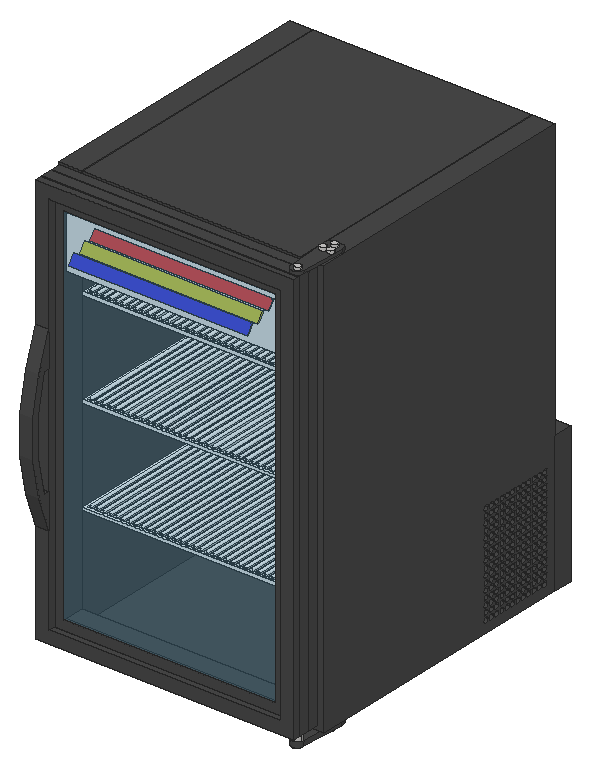
Revit family "QF_TRUE_GDM-06-34-HC~TSL01", category Specialty Equipment, Revit 2016
Family settings
  Part Type = Normal
  Round Connector Dimension = Use Diameter
  Work Plane-Based = No
  Always vertical = Yes
  Cut with Voids When Loaded = No
  Shared = No
  Room Calculation Point = No
Parameters (values of type "GDM-06-34-HC-TSL01")
  Weight in Pounds = 175
  Watts = Volts * FL Amps  # 184 W
  Volts = 115 V
  URL Cutsheet = ""
  Specification by User = ""
  Specification by Manufacturer = ""
  Show Default Legs [instance] = not(Show 2.5 Inches Legs)  # yes
  Show Clearance [instance] = yes
  Show 2.5 Inches Legs [instance] = no
  Serial Number = ""
  Seismic Rating = ""
  SMACNA No = ""
  Revision Code = ""
  Phase = 1
  Number of Poles = 1
  NAFEM Spec ID Number = ""
  Model = "GDM-06-34-HC~TSL01"  # constant formula
  Min Ckt Ampacity = 0 A
  Max Overcurrent Protection = 0 A
  Masterspec = ""
  Manufacturer = "TRUE"
  Length = 20 7/16"
  Item Number = ""
  Installed By = ""
  Identify Quantity as Lot = yes
  Height [instance] = Body Height + Base Height  # 33 15/32"
  HP = "1/10"
  Furnished By = ""
  Foodservice Equipment Identifier = yes
  FL Amps = 1.6 A
  Electrical Remarks = ""
  Electric Connection Type = ""
  Elec Conn RI Height = 0"
  Elec Conn Connection Height = 0"
  Description = "SWING DOOR COUNTER-TOP REGFRIGERATOR WITH HYDROCARBON REFRIGERANT-TRUE-STANDARD LOOK VERSION 01"
  Depth = 27 31/32"
  Cycle = 60 Hz
  Conn Plug = "NEMA 5-15P"
  Conn Conduit = yes
  CSI MasterFormat = ""
  Body Height [instance] = 32 11/16"  # constant formula
  Base Height [instance] = if(Show 2.5 Inches Legs, 2 1/2", 25/32")  # 25/32"
  Apparent Power = 0 VA
Reference planes (in)
  plane 1 "BACK": y = 0
  plane 2: z = 0
  plane 3 "LEFT": x = 0
  plane 4 "RIGHT": x = 20.4375
  plane 5 "FRONT": y = -27.96875
  plane 6 "TOP": z = 33.46875
  plane 7 "Center Y": x = 10.21875
  plane 8 "Center X": y = -13.98437
  plane 9: y = -45.0625
  plane 10: z = 0.78125
  plane 11: z = 2.5
Forms (in)
  Revolve 1, solid, visible <- "Show 2.5 Inches Legs"
    sketch origin (0, -4.21875, 0) x (1, 0, 0) y (0, 0, 1)
      loop
        line (2.28125, 0) -> (2.28125, 2.5) -> (1.83731, 2.5) -> (1.83731, 0.5) -> (1.53125, 0.5) -> (1.53125, 0) -> (2.28125, 0)
      axis (2.28125, 0) -> (2.28125, 2.5)
    angle from 0 to 360
  Revolve 2, solid, visible <- "Show 2.5 Inches Legs"
    sketch origin (1.81234, -22.0625, 0) x (1, 0, 0) y (0, 0, 1)
      loop
        line (2.28125, 0) -> (2.28125, 2.5) -> (1.83731, 2.5) -> (1.83731, 0.5) -> (1.53125, 0.5) -> (1.53125, 0) -> (2.28125, 0)
      axis (2.28125, 0) -> (2.28125, 2.5)
    angle from 0 to 360
  Revolve 3, solid, visible <- "Show 2.5 Inches Legs"
    sketch origin (20.4375, -4.21875, 0) x (-1, 0, 0) y (0, 0, -1)
      loop
        line (2.28125, 0) -> (1.53125, 0) -> (1.53125, -0.5) -> (1.83731, -0.5) -> (1.83731, -2.5) -> (2.28125, -2.5) -> (2.28125, 0)
      axis (2.28125, 0) -> (2.28125, -2.5)
    angle from 0 to 360
  Revolve 4, solid, visible <- "Show 2.5 Inches Legs"
    sketch origin (18.62516, -22.0625, 0) x (-1, 0, 0) y (0, 0, -1)
      loop
        line (2.28125, 0) -> (1.53125, 0) -> (1.53125, -0.5) -> (1.83731, -0.5) -> (1.83731, -2.5) -> (2.28125, -2.5) -> (2.28125, 0)
      axis (2.28125, 0) -> (2.28125, -2.5)
    angle from 0 to 360
  Revolve 5, solid, visible <- "Show 2.5 Inches Legs", not visible
    sketch origin (0, -4.21875, 0) x (1, 0, 0) y (0, 0, 1)
      loop
        line (2.28125, 0) -> (2.28125, 2.5) -> (1.83731, 2.5) -> (1.83731, 0.5) -> (1.53125, 0.5) -> (1.53125, 0) -> (2.28125, 0)
      axis (2.28125, 0) -> (2.28125, 2.5)
    angle from 0 to 360
  Revolve 6, solid, visible <- "Show 2.5 Inches Legs", not visible
    sketch origin (1.81234, -22.0625, 0) x (1, 0, 0) y (0, 0, 1)
      loop
        line (2.28125, 0) -> (2.28125, 2.5) -> (1.83731, 2.5) -> (1.83731, 0.5) -> (1.53125, 0.5) -> (1.53125, 0) -> (2.28125, 0)
      axis (2.28125, 0) -> (2.28125, 2.5)
    angle from 0 to 360
  Revolve 7, solid, visible <- "Show 2.5 Inches Legs", not visible
    sketch origin (20.4375, -4.21875, 0) x (-1, 0, 0) y (0, 0, -1)
      loop
        line (2.28125, 0) -> (1.53125, 0) -> (1.53125, -0.5) -> (1.83731, -0.5) -> (1.83731, -2.5) -> (2.28125, -2.5) -> (2.28125, 0)
      axis (2.28125, 0) -> (2.28125, -2.5)
    angle from 0 to 360
  Revolve 8, solid, visible <- "Show 2.5 Inches Legs", not visible
    sketch origin (18.62516, -22.0625, 0) x (-1, 0, 0) y (0, 0, -1)
      loop
        line (2.28125, 0) -> (1.53125, 0) -> (1.53125, -0.5) -> (1.83731, -0.5) -> (1.83731, -2.5) -> (2.28125, -2.5) -> (2.28125, 0)
      axis (2.28125, 0) -> (2.28125, -2.5)
    angle from 0 to 360
Dimensions and locks (in)
  equal spacing: plane 3 "LEFT", plane 7 "Center Y", plane 4 "RIGHT"
  "Length": plane 3 "LEFT" to plane 4 "RIGHT"
  equal spacing: plane 5 "FRONT", plane 8 "Center X", plane 1 "BACK"
  "Depth": plane 5 "FRONT" to plane 1 "BACK"
  "Body Height": plane 6 "TOP" to plane 10
  plane 5 "FRONT" to plane 1 "BACK" = 27 31/32"
  plane 1 "BACK" to plane 9 = 45 1/16"
  plane 4 "RIGHT" to plane 3 "LEFT" = 20 7/16"
  "Base Height": plane 10 to level
  nested 1 to nested 1 = 24 27/32"
  nested 1 to plane 1 "BACK" = 26 3/8"
  nested 1 to plane 1 "BACK" = 1 17/32"
  aligned and locked: level to plane 2
  aligned and locked: plane 10 to nested 1
Automatic sketch dimensions
  Revolve 1 sketch curve to Revolve 1 sketch curve = 0.30606"
  Revolve 1 sketch curve to Revolve 1 sketch curve = 0.44394"
  Revolve 1 sketch curve to Revolve 1 sketch curve = 3 1/4"
  Revolve 2 sketch curve to Revolve 2 sketch curve = 0.30606"
  Revolve 2 sketch curve to Revolve 2 sketch curve = 0.44394"
  Revolve 2 sketch curve to Revolve 2 sketch curve = 0"  (x2)
  Revolve 2 sketch curve to Revolve 2 sketch curve = 3 1/4"
  Revolve 3 sketch curve to Revolve 3 sketch curve = 0.30606"
  Revolve 3 sketch curve to Revolve 3 sketch curve = 0.44394"
  Revolve 3 sketch curve to Revolve 3 sketch curve = 3 1/4"
  Revolve 4 sketch curve to Revolve 4 sketch curve = 0.30606"
  Revolve 4 sketch curve to Revolve 4 sketch curve = 0.44394"
  Revolve 4 sketch curve to Revolve 4 sketch curve = 0"  (x2)
  Revolve 4 sketch curve to Revolve 4 sketch curve = 3 1/4"
  Revolve 1 sketch curve to Revolve 1 sketch curve = 1/2"
  Revolve 1 sketch curve to Revolve 1 sketch curve = 2"
  Revolve 1 sketch curve to Revolve 1 sketch curve = 0"  (x2)
  Revolve 2 sketch curve to Revolve 2 sketch curve = 1/2"
  Revolve 2 sketch curve to Revolve 2 sketch curve = 2"
  Revolve 3 sketch curve to Revolve 3 sketch curve = 2"
  Revolve 3 sketch curve to Revolve 3 sketch curve = 1/2"
  Revolve 3 sketch curve to Revolve 3 sketch curve = 0"  (x2)
  Revolve 4 sketch curve to Revolve 4 sketch curve = 2"
  Revolve 4 sketch curve to Revolve 4 sketch curve = 1/2"
  Revolve 5 sketch curve to Revolve 5 sketch curve = 0.30606"
  Revolve 5 sketch curve to Revolve 5 sketch curve = 0.44394"
  Revolve 5 sketch curve to Revolve 5 sketch curve = 3 1/4"
  Revolve 6 sketch curve to Revolve 6 sketch curve = 0.30606"
  Revolve 6 sketch curve to Revolve 6 sketch curve = 0.44394"
  Revolve 6 sketch curve to Revolve 6 sketch curve = 0"  (x2)
  Revolve 6 sketch curve to Revolve 6 sketch curve = 3 1/4"
  Revolve 7 sketch curve to Revolve 7 sketch curve = 0.30606"
  Revolve 7 sketch curve to Revolve 7 sketch curve = 0.44394"
  Revolve 7 sketch curve to Revolve 7 sketch curve = 3 1/4"
  Revolve 8 sketch curve to Revolve 8 sketch curve = 0.30606"
  Revolve 8 sketch curve to Revolve 8 sketch curve = 0.44394"
  Revolve 8 sketch curve to Revolve 8 sketch curve = 0"  (x2)
  Revolve 8 sketch curve to Revolve 8 sketch curve = 3 1/4"
  Revolve 5 sketch curve to Revolve 5 sketch curve = 1/2"
  Revolve 5 sketch curve to Revolve 5 sketch curve = 2"
  Revolve 5 sketch curve to Revolve 5 sketch curve = 0"  (x2)
  Revolve 6 sketch curve to Revolve 6 sketch curve = 1/2"
  Revolve 6 sketch curve to Revolve 6 sketch curve = 2"
  Revolve 7 sketch curve to Revolve 7 sketch curve = 2"
  Revolve 7 sketch curve to Revolve 7 sketch curve = 1/2"
  Revolve 7 sketch curve to Revolve 7 sketch curve = 0"  (x2)
  Revolve 8 sketch curve to Revolve 8 sketch curve = 2"
  Revolve 8 sketch curve to Revolve 8 sketch curve = 1/2"
Nested families (in)
  nested 1: "GDM-06-34-HC-TSL01" at (0, 0, 0), Show Default Legs <- "Show Default Legs", Show Clearance <- "Show Clearance", type "GDM-06-34-HC-TSL01"
    with Show Default Legs yes, Show Clearance yes, Materials and Finishes QF_Plastic-Black-Smooth
Connectors (in)
  electrical at (10.21875, 0, 6.17082), driven by "Volts", driven by "Watts"
    settings: on nested 1, index 1, voltage 115 V, apparent load 184 VA, apparent load phase1 0 VA, apparent load phase2 0 VA, apparent load phase3 0 VA, power factor 1, load classification "Other", number of poles 1, system type 30, power factor state 1, is connector primary yes, connector utility no, sub classification motor no, connector description "ELECTRICAL CONNECTION"
Definition of nested family "GDM-06-34-HC-TSL01"
  Parameters (values of type "GDM-06-34-HC-TSL01")
    Weight in Pounds = 0
    Watts = 0 W
    Volts = 0 V
    URL Cutsheet = ""
    Specification by User = ""
    Specification by Manufacturer = ""
    Show Default Legs [instance] = yes
    Show Clearance [instance] = yes
    Serial Number = ""
    Seismic Rating = ""
    SMACNA No = ""
    Revision Code = ""
    Phase = 0
    Number of Poles = 1
    NAFEM Spec ID Number = ""
    Model = ""
    Min Ckt Ampacity = 0 A
    Max Overcurrent Protection = 0 A
    Materials and Finishes [instance] = none
    Masterspec = ""
    Manufacturer = ""
    Length = 20 7/16"
    Item Number = ""
    Installed By = ""
    Identify Quantity as Lot = yes
    Height = 33 15/32"
    HP = ""
    Furnished By = ""
    Foodservice Equipment Identifier = yes
    FL Amps = 0 A
    Electrical Remarks = ""
    Electric Connection Type = ""
    Elec Conn RI Height = 0"
    Elec Conn Connection Height = 0"
    Description = ""
    Depth = 27 31/32"
    Cycle = 0 Hz
    Conn Plug = ""
    Conn Conduit = yes
    CSI MasterFormat = ""
    Apparent Power = 0 VA
  Reference planes (in)
    plane 1 "BACK": y = 0
    plane 2: z = 0
    plane 3 "LEFT": x = 0
    plane 4 "RIGHT": x = 20.4375
    plane 5 "FRONT": y = -27.96875
    plane 6 "TOP": z = 33.46875
    plane 7 "Center Y": x = 10.21875
    plane 8 "Center X": y = -13.98437
    plane 9: y = -45.0625
    plane 10: y = -1.53125
    plane 11: y = -26.375
    plane 12: y = -23.8125
    plane 13: z = -1.14063
    plane 14: z = -0.89063
    plane 15: z = -1.14063
    plane 16: z = -0.89063
    plane 17: z = -1.14063
    plane 18: z = -0.89063
    plane 19: z = -1.14063
    plane 20: z = -0.89063
    plane 21: z = -1.14063
    plane 22: z = -0.89063
    plane 23: z = 0.78125
    plane 24: z = 32.09375
    plane 25: z = 2.28125
    plane 26: z = 9.7345
    plane 27: z = 17.18775
    plane 28: z = 24.641
  Forms (in)
    Extrusion 1, solid, material <- "Materials and Finishes"
      sketch origin (0.03125, -26.375, 50.22854) x (0, 0, 1) y (1, 0, 0)
        loop
          line (-17.13479, 0.25) -> (-17.13479, 20.125) -> (-48.94729, 20.125) -> (-48.94729, 0.25) -> (-17.13479, 0.25)
        loop
          line (-47.94729, 1.25) -> (-18.13479, 1.25) -> (-18.13479, 19.125) -> (-47.94729, 19.125) -> (-47.94729, 1.25)
      from 0 to 0.5
    Extrusion 2, solid, material <- "Materials and Finishes"
      sketch origin (0.03125, -26.375, 50.22854) x (0, 0, 1) y (1, 0, 0)
        loop
          line (-47.94729, 19.125) -> (-47.94729, 1.25) -> (-18.13479, 1.25) -> (-18.13479, 19.125) -> (-47.94729, 19.125)
        loop
          line (-18.88479, 2) -> (-18.88479, 18.375) -> (-47.19729, 18.375) -> (-47.19729, 2) -> (-18.88479, 2)
      from 2.25251 to 0.5
    Extrusion 3, solid, material <- "Materials and Finishes"
      sketch origin (0.03125, -26.375, 50.22854) x (0, 0, 1) y (1, 0, 0)
        loop
          line (-17.13479, 0.25) -> (-17.13479, 20.125) -> (-48.94729, 20.125) -> (-48.94729, 0.25) -> (-17.13479, 0.25)
        loop
          line (-47.94729, 1.25) -> (-18.13479, 1.25) -> (-18.13479, 19.125) -> (-47.94729, 19.125) -> (-47.94729, 1.25)
      from 1.50251 to 0.5
    Extrusion 4, solid
      sketch origin (0.03125, -26.375, 50.22854) x (0, 0, 1) y (1, 0, 0)
        loop
          line (-17.13479, 0.25) -> (-17.13479, 20.125) -> (-48.94729, 20.125) -> (-48.94729, 0.25) -> (-17.13479, 0.25)
        loop
          line (-47.94729, 1.25) -> (-18.13479, 1.25) -> (-18.13479, 19.125) -> (-47.94729, 19.125) -> (-47.94729, 1.25)
      from 1.50251 to 2.25251
    Extrusion 5, solid
      sketch origin (0.03125, -26.375, 50.22854) x (0, 0, 1) y (1, 0, 0)
        loop
          line (-47.94729, 19.125) -> (-47.94729, 1.25) -> (-18.13479, 1.25) -> (-18.13479, 19.125) -> (-47.94729, 19.125)
        loop
          line (-18.25979, 1.375) -> (-18.25979, 19) -> (-47.82229, 19) -> (-47.82229, 1.375) -> (-18.25979, 1.375)
      from 2.25251 to 2.5625
    Extrusion 6, solid, material <- "Materials and Finishes"
      sketch origin (20.40625, -72.68116, 33.09375) x (0, 1, 0) y (-1, 0, 0)
        loop
          line (71.14991, 1.75) -> (71.14991, 18.625) -> (48.86866, 18.625) -> (48.86866, 1.75) -> (71.14991, 1.75)
      from 0 to -1
    Extrusion 7, solid, material <- "Materials and Finishes"
      sketch origin (0.03125, 0, -2.39063) x (0, 1, 0) y (0, 0, 1)
        loop
          line (-1.53125, 34.48438) -> (-3.5, 34.48438) -> (-3.5, 4.17188) -> (-23.8125, 4.17188) -> (-23.8125, 3.17188) -> (-1.53125, 3.17188) -> (-1.53125, 34.48438)
      from 1.75 to 18.625
    Extrusion 8, solid, material <- "Materials and Finishes"
      sketch origin (20.40625, 0, -2.39063) x (0, -1, 0) y (0, 0, -1)
        loop
          line (1.53125, -35.48438) -> (23.8125, -35.48438) -> (23.8125, -3.17188) -> (1.53125, -3.17188) -> (1.53125, -35.48438)
        loop
          circle (8.16875, -11.82303) r 0.25
        loop
          circle (7.65312, -11.82303) r 0.25
        loop
          circle (7.1375, -11.82303) r 0.25
        loop
          circle (6.62187, -11.82303) r 0.25
        loop
          circle (6.10625, -11.82303) r 0.25
        loop
          circle (5.59062, -11.82303) r 0.25
        loop
          circle (5.075, -11.82303) r 0.25
        loop
          circle (4.55937, -11.82303) r 0.25
        loop
          circle (4.04375, -11.82303) r 0.25
        loop
          circle (3.52812, -11.82303) r 0.25
        loop
          circle (3.0125, -11.82303) r 0.25
        loop
          circle (2.49687, -11.82303) r 0.25
        loop
          circle (8.16875, -11.3074) r 0.25
        loop
          circle (7.65312, -11.3074) r 0.25
        loop
          circle (7.1375, -11.3074) r 0.25
        loop
          circle (6.62187, -11.3074) r 0.25
        loop
          circle (6.10625, -11.3074) r 0.25
        loop
          circle (5.59062, -11.3074) r 0.25
        loop
          circle (5.075, -11.3074) r 0.25
        loop
          circle (4.55937, -11.3074) r 0.25
        loop
          circle (4.04375, -11.3074) r 0.25
        loop
          circle (3.52812, -11.3074) r 0.25
        loop
          circle (3.0125, -11.3074) r 0.25
        loop
          circle (2.49687, -11.3074) r 0.25
        loop
          circle (8.16875, -10.79178) r 0.25
        loop
          circle (7.65312, -10.79178) r 0.25
        loop
          circle (7.1375, -10.79178) r 0.25
        loop
          circle (6.62187, -10.79178) r 0.25
        loop
          circle (6.10625, -10.79178) r 0.25
        loop
          circle (5.59062, -10.79178) r 0.25
        loop
          circle (5.075, -10.79178) r 0.25
        loop
          circle (4.55937, -10.79178) r 0.25
        loop
          circle (4.04375, -10.79178) r 0.25
        loop
          circle (3.52812, -10.79178) r 0.25
        loop
          circle (3.0125, -10.79178) r 0.25
        loop
          circle (2.49687, -10.79178) r 0.25
        loop
          circle (8.16875, -10.27615) r 0.25
        loop
          circle (7.65312, -10.27615) r 0.25
        loop
          circle (7.1375, -10.27615) r 0.25
        loop
          circle (6.62187, -10.27615) r 0.25
        loop
          circle (6.10625, -10.27615) r 0.25
        loop
          circle (5.59062, -10.27615) r 0.25
        loop
          circle (5.075, -10.27615) r 0.25
        loop
          circle (4.55937, -10.27615) r 0.25
        loop
          circle (4.04375, -10.27615) r 0.25
        loop
          circle (3.52812, -10.27615) r 0.25
        loop
          circle (3.0125, -10.27615) r 0.25
        loop
          circle (2.49687, -10.27615) r 0.25
        loop
          circle (8.16875, -9.76053) r 0.25
        loop
          circle (7.65312, -9.76053) r 0.25
        loop
          circle (7.1375, -9.76053) r 0.25
        loop
          circle (6.62187, -9.76053) r 0.25
        loop
          circle (6.10625, -9.76053) r 0.25
        loop
          circle (5.59062, -9.76053) r 0.25
        loop
          circle (5.075, -9.76053) r 0.25
        loop
          circle (4.55937, -9.76053) r 0.25
        loop
          circle (4.04375, -9.76053) r 0.25
        loop
          circle (3.52812, -9.76053) r 0.25
        loop
          circle (3.0125, -9.76053) r 0.25
        loop
          circle (2.49687, -9.76053) r 0.25
        loop
          circle (8.16875, -9.2449) r 0.25
        loop
          circle (7.65312, -9.2449) r 0.25
        loop
          circle (7.1375, -9.2449) r 0.25
        loop
          circle (6.62187, -9.2449) r 0.25
        loop
          circle (6.10625, -9.2449) r 0.25
        loop
          circle (5.59062, -9.2449) r 0.25
        loop
          circle (5.075, -9.2449) r 0.25
        loop
          circle (4.55937, -9.2449) r 0.25
        loop
          circle (4.04375, -9.2449) r 0.25
        loop
          circle (3.52812, -9.2449) r 0.25
        loop
          circle (3.0125, -9.2449) r 0.25
        loop
          circle (2.49687, -9.2449) r 0.25
        loop
          circle (8.16875, -8.72928) r 0.25
        loop
          circle (7.65312, -8.72928) r 0.25
        loop
          circle (7.1375, -8.72928) r 0.25
        loop
          circle (6.62187, -8.72928) r 0.25
        loop
          circle (6.10625, -8.72928) r 0.25
        loop
          circle (5.59062, -8.72928) r 0.25
        loop
          circle (5.075, -8.72928) r 0.25
        loop
          circle (4.55937, -8.72928) r 0.25
        loop
          circle (4.04375, -8.72928) r 0.25
        loop
          circle (3.52812, -8.72928) r 0.25
        loop
          circle (3.0125, -8.72928) r 0.25
        loop
          circle (2.49687, -8.72928) r 0.25
        loop
          circle (8.16875, -8.21365) r 0.25
        loop
          circle (7.65312, -8.21365) r 0.25
        loop
          circle (7.1375, -8.21365) r 0.25
        loop
          circle (6.62187, -8.21365) r 0.25
        loop
          circle (6.10625, -8.21365) r 0.25
        loop
          circle (5.59062, -8.21365) r 0.25
        loop
          circle (5.075, -8.21365) r 0.25
        loop
          circle (4.55937, -8.21365) r 0.25
        loop
          circle (4.04375, -8.21365) r 0.25
        loop
          circle (3.52812, -8.21365) r 0.25
        loop
          circle (3.0125, -8.21365) r 0.25
        loop
          circle (2.49687, -8.21365) r 0.25
        loop
          circle (8.16875, -7.69803) r 0.25
        loop
          circle (7.65312, -7.69803) r 0.25
        loop
          circle (7.1375, -7.69803) r 0.25
        loop
          circle (6.62187, -7.69803) r 0.25
        loop
          circle (6.10625, -7.69803) r 0.25
        loop
          circle (5.59062, -7.69803) r 0.25
        loop
          circle (5.075, -7.69803) r 0.25
        loop
          circle (4.55937, -7.69803) r 0.25
        loop
          circle (4.04375, -7.69803) r 0.25
        loop
          circle (3.52812, -7.69803) r 0.25
        loop
          circle (3.0125, -7.69803) r 0.25
        loop
          circle (2.49687, -7.69803) r 0.25
        loop
          circle (8.16875, -7.1824) r 0.25
        loop
          circle (7.65312, -7.1824) r 0.25
        loop
          circle (7.1375, -7.1824) r 0.25
        loop
          circle (6.62187, -7.1824) r 0.25
        loop
          circle (6.10625, -7.1824) r 0.25
        loop
          circle (5.59062, -7.1824) r 0.25
        loop
          circle (5.075, -7.1824) r 0.25
        loop
          circle (4.55937, -7.1824) r 0.25
        loop
          circle (4.04375, -7.1824) r 0.25
        loop
          circle (3.52812, -7.1824) r 0.25
        loop
          circle (3.0125, -7.1824) r 0.25
        loop
          circle (2.49687, -7.1824) r 0.25
        loop
          circle (8.16875, -6.66678) r 0.25
        loop
          circle (7.65312, -6.66678) r 0.25
        loop
          circle (7.1375, -6.66678) r 0.25
        loop
          circle (6.62187, -6.66678) r 0.25
        loop
          circle (6.10625, -6.66678) r 0.25
        loop
          circle (5.59062, -6.66678) r 0.25
        loop
          circle (5.075, -6.66678) r 0.25
        loop
          circle (4.55937, -6.66678) r 0.25
        loop
          circle (4.04375, -6.66678) r 0.25
        loop
          circle (3.52812, -6.66678) r 0.25
        loop
          circle (3.0125, -6.66678) r 0.25
        loop
          circle (2.49687, -6.66678) r 0.25
        loop
          circle (8.16875, -6.15115) r 0.25
        loop
          circle (7.65312, -6.15115) r 0.25
        loop
          circle (7.1375, -6.15115) r 0.25
        loop
          circle (6.62187, -6.15115) r 0.25
        loop
          circle (6.10625, -6.15115) r 0.25
        loop
          circle (5.59062, -6.15115) r 0.25
        loop
          circle (5.075, -6.15115) r 0.25
        loop
          circle (4.55937, -6.15115) r 0.25
        loop
          circle (4.04375, -6.15115) r 0.25
        loop
          circle (3.52812, -6.15115) r 0.25
        loop
          circle (3.0125, -6.15115) r 0.25
        loop
          circle (2.49687, -6.15115) r 0.25
        loop
          circle (8.16875, -5.63553) r 0.25
        loop
          circle (7.65312, -5.63553) r 0.25
        loop
          circle (7.1375, -5.63553) r 0.25
        loop
          circle (6.62187, -5.63553) r 0.25
        loop
          circle (6.10625, -5.63553) r 0.25
        loop
          circle (5.59062, -5.63553) r 0.25
        loop
          circle (5.075, -5.63553) r 0.25
        loop
          circle (4.55937, -5.63553) r 0.25
        loop
          circle (4.04375, -5.63553) r 0.25
        loop
          circle (3.52812, -5.63553) r 0.25
        loop
          circle (3.0125, -5.63553) r 0.25
        loop
          circle (2.49687, -5.63553) r 0.25
        loop
          circle (8.16875, -5.1199) r 0.25
        loop
          circle (7.65312, -5.1199) r 0.25
        loop
          circle (7.1375, -5.1199) r 0.25
        loop
          circle (6.62187, -5.1199) r 0.25
        loop
          circle (6.10625, -5.1199) r 0.25
        loop
          circle (5.59062, -5.1199) r 0.25
        loop
          circle (5.075, -5.1199) r 0.25
        loop
          circle (4.55937, -5.1199) r 0.25
        loop
          circle (4.04375, -5.1199) r 0.25
        loop
          circle (3.52812, -5.1199) r 0.25
        loop
          circle (3.0125, -5.1199) r 0.25
        loop
          circle (2.49687, -5.1199) r 0.25
        loop
          circle (8.16875, -4.60428) r 0.25
        loop
          circle (7.65312, -4.60428) r 0.25
        loop
          circle (7.1375, -4.60428) r 0.25
        loop
          circle (6.62187, -4.60428) r 0.25
        loop
          circle (6.10625, -4.60428) r 0.25
        loop
          circle (5.59062, -4.60428) r 0.25
        loop
          circle (5.075, -4.60428) r 0.25
        loop
          circle (4.55937, -4.60428) r 0.25
        loop
          circle (4.04375, -4.60428) r 0.25
        loop
          circle (3.52812, -4.60428) r 0.25
        loop
          circle (3.0125, -4.60428) r 0.25
        loop
          circle (2.49687, -4.60428) r 0.25
        loop
          circle (8.16875, -4.08865) r 0.25
        loop
          circle (7.65312, -4.08865) r 0.25
        loop
          circle (7.1375, -4.08865) r 0.25
        loop
          circle (6.62187, -4.08865) r 0.25
        loop
          circle (6.10625, -4.08865) r 0.25
        loop
          circle (5.59062, -4.08865) r 0.25
        loop
          circle (5.075, -4.08865) r 0.25
        loop
          circle (4.55937, -4.08865) r 0.25
        loop
          circle (4.04375, -4.08865) r 0.25
        loop
          circle (3.52812, -4.08865) r 0.25
        loop
          circle (3.0125, -4.08865) r 0.25
        loop
          circle (2.49687, -4.08865) r 0.25
      from 0.03125 to -1.75
    Extrusion 9, solid, material <- "Materials and Finishes"
      sketch origin (0.03125, 0, -2.39063) x (0, -1, 0) y (0, 0, 1)
        loop
          line (1.53125, 35.48438) -> (1.53125, 3.17188) -> (23.8125, 3.17188) -> (23.8125, 35.48438) -> (1.53125, 35.48438)
        loop
          circle (8.16875, 11.82303) r 0.25
        loop
          circle (7.65312, 11.82303) r 0.25
        loop
          circle (7.1375, 11.82303) r 0.25
        loop
          circle (6.62187, 11.82303) r 0.25
        loop
          circle (6.10625, 11.82303) r 0.25
        loop
          circle (5.59062, 11.82303) r 0.25
        loop
          circle (5.075, 11.82303) r 0.25
        loop
          circle (4.55937, 11.82303) r 0.25
        loop
          circle (4.04375, 11.82303) r 0.25
        loop
          circle (3.52812, 11.82303) r 0.25
        loop
          circle (3.0125, 11.82303) r 0.25
        loop
          circle (2.49687, 11.82303) r 0.25
        loop
          circle (8.16875, 11.3074) r 0.25
        loop
          circle (7.65312, 11.3074) r 0.25
        loop
          circle (7.1375, 11.3074) r 0.25
        loop
          circle (6.62187, 11.3074) r 0.25
        loop
          circle (6.10625, 11.3074) r 0.25
        loop
          circle (5.59062, 11.3074) r 0.25
        loop
          circle (5.075, 11.3074) r 0.25
        loop
          circle (4.55937, 11.3074) r 0.25
        loop
          circle (4.04375, 11.3074) r 0.25
        loop
          circle (3.52812, 11.3074) r 0.25
        loop
          circle (3.0125, 11.3074) r 0.25
        loop
          circle (2.49687, 11.3074) r 0.25
        loop
          circle (8.16875, 10.79178) r 0.25
        loop
          circle (7.65312, 10.79178) r 0.25
        loop
          circle (7.1375, 10.79178) r 0.25
        loop
          circle (6.62187, 10.79178) r 0.25
        loop
          circle (6.10625, 10.79178) r 0.25
        loop
          circle (5.59062, 10.79178) r 0.25
        loop
          circle (5.075, 10.79178) r 0.25
        loop
          circle (4.55937, 10.79178) r 0.25
        loop
          circle (4.04375, 10.79178) r 0.25
        loop
          circle (3.52812, 10.79178) r 0.25
        loop
          circle (3.0125, 10.79178) r 0.25
        loop
          circle (2.49687, 10.79178) r 0.25
        loop
          circle (8.16875, 10.27615) r 0.25
        loop
          circle (7.65312, 10.27615) r 0.25
        loop
          circle (7.1375, 10.27615) r 0.25
        loop
          circle (6.62187, 10.27615) r 0.25
        loop
          circle (6.10625, 10.27615) r 0.25
        loop
          circle (5.59062, 10.27615) r 0.25
        loop
          circle (5.075, 10.27615) r 0.25
        loop
          circle (4.55937, 10.27615) r 0.25
        loop
          circle (4.04375, 10.27615) r 0.25
        loop
          circle (3.52812, 10.27615) r 0.25
        loop
          circle (3.0125, 10.27615) r 0.25
        loop
          circle (2.49687, 10.27615) r 0.25
        loop
          circle (8.16875, 9.76053) r 0.25
        loop
          circle (7.65312, 9.76053) r 0.25
        loop
          circle (7.1375, 9.76053) r 0.25
        loop
          circle (6.62187, 9.76053) r 0.25
        loop
          circle (6.10625, 9.76053) r 0.25
        loop
          circle (5.59062, 9.76053) r 0.25
        loop
          circle (5.075, 9.76053) r 0.25
        loop
          circle (4.55937, 9.76053) r 0.25
        loop
          circle (4.04375, 9.76053) r 0.25
        loop
          circle (3.52812, 9.76053) r 0.25
        loop
          circle (3.0125, 9.76053) r 0.25
        loop
          circle (2.49687, 9.76053) r 0.25
        loop
          circle (8.16875, 9.2449) r 0.25
        loop
          circle (7.65312, 9.2449) r 0.25
        loop
          circle (7.1375, 9.2449) r 0.25
        loop
          circle (6.62187, 9.2449) r 0.25
        loop
          circle (6.10625, 9.2449) r 0.25
        loop
          circle (5.59062, 9.2449) r 0.25
        loop
          circle (5.075, 9.2449) r 0.25
        loop
          circle (4.55937, 9.2449) r 0.25
        loop
          circle (4.04375, 9.2449) r 0.25
        loop
          circle (3.52812, 9.2449) r 0.25
        loop
          circle (3.0125, 9.2449) r 0.25
        loop
          circle (2.49687, 9.2449) r 0.25
        loop
          circle (8.16875, 8.72928) r 0.25
        loop
          circle (7.65312, 8.72928) r 0.25
        loop
          circle (7.1375, 8.72928) r 0.25
        loop
          circle (6.62187, 8.72928) r 0.25
        loop
          circle (6.10625, 8.72928) r 0.25
        loop
          circle (5.59062, 8.72928) r 0.25
        loop
          circle (5.075, 8.72928) r 0.25
        loop
          circle (4.55937, 8.72928) r 0.25
        loop
          circle (4.04375, 8.72928) r 0.25
        loop
          circle (3.52812, 8.72928) r 0.25
        loop
          circle (3.0125, 8.72928) r 0.25
        loop
          circle (2.49687, 8.72928) r 0.25
        loop
          circle (8.16875, 8.21365) r 0.25
        loop
          circle (7.65312, 8.21365) r 0.25
        loop
          circle (7.1375, 8.21365) r 0.25
        loop
          circle (6.62187, 8.21365) r 0.25
        loop
          circle (6.10625, 8.21365) r 0.25
        loop
          circle (5.59062, 8.21365) r 0.25
        loop
          circle (5.075, 8.21365) r 0.25
        loop
          circle (4.55937, 8.21365) r 0.25
        loop
          circle (4.04375, 8.21365) r 0.25
        loop
          circle (3.52812, 8.21365) r 0.25
        loop
          circle (3.0125, 8.21365) r 0.25
        loop
          circle (2.49687, 8.21365) r 0.25
        loop
          circle (8.16875, 7.69803) r 0.25
        loop
          circle (7.65312, 7.69803) r 0.25
        loop
          circle (7.1375, 7.69803) r 0.25
        loop
          circle (6.62187, 7.69803) r 0.25
        loop
          circle (6.10625, 7.69803) r 0.25
        loop
          circle (5.59062, 7.69803) r 0.25
        loop
          circle (5.075, 7.69803) r 0.25
        loop
          circle (4.55937, 7.69803) r 0.25
        loop
          circle (4.04375, 7.69803) r 0.25
        loop
          circle (3.52812, 7.69803) r 0.25
        loop
          circle (3.0125, 7.69803) r 0.25
        loop
          circle (2.49687, 7.69803) r 0.25
        loop
          circle (8.16875, 7.1824) r 0.25
        loop
          circle (7.65312, 7.1824) r 0.25
        loop
          circle (7.1375, 7.1824) r 0.25
        loop
          circle (6.62187, 7.1824) r 0.25
        loop
          circle (6.10625, 7.1824) r 0.25
        loop
          circle (5.59062, 7.1824) r 0.25
        loop
          circle (5.075, 7.1824) r 0.25
        loop
          circle (4.55937, 7.1824) r 0.25
        loop
          circle (4.04375, 7.1824) r 0.25
        loop
          circle (3.52812, 7.1824) r 0.25
        loop
          circle (3.0125, 7.1824) r 0.25
        loop
          circle (2.49687, 7.1824) r 0.25
        loop
          circle (8.16875, 6.66678) r 0.25
        loop
          circle (7.65312, 6.66678) r 0.25
        loop
          circle (7.1375, 6.66678) r 0.25
        loop
          circle (6.62187, 6.66678) r 0.25
        loop
          circle (6.10625, 6.66678) r 0.25
        loop
          circle (5.59062, 6.66678) r 0.25
        loop
          circle (5.075, 6.66678) r 0.25
        loop
          circle (4.55937, 6.66678) r 0.25
        loop
          circle (4.04375, 6.66678) r 0.25
        loop
          circle (3.52812, 6.66678) r 0.25
        loop
          circle (3.0125, 6.66678) r 0.25
        loop
          circle (2.49687, 6.66678) r 0.25
        loop
          circle (8.16875, 6.15115) r 0.25
        loop
          circle (7.65312, 6.15115) r 0.25
        loop
          circle (7.1375, 6.15115) r 0.25
        loop
          circle (6.62187, 6.15115) r 0.25
        loop
          circle (6.10625, 6.15115) r 0.25
        loop
          circle (5.59062, 6.15115) r 0.25
        loop
          circle (5.075, 6.15115) r 0.25
        loop
          circle (4.55937, 6.15115) r 0.25
        loop
          circle (4.04375, 6.15115) r 0.25
        loop
          circle (3.52812, 6.15115) r 0.25
        loop
          circle (3.0125, 6.15115) r 0.25
        loop
          circle (2.49687, 6.15115) r 0.25
        loop
          circle (8.16875, 5.63553) r 0.25
        loop
          circle (7.65312, 5.63553) r 0.25
        loop
          circle (7.1375, 5.63553) r 0.25
        loop
          circle (6.62187, 5.63553) r 0.25
        loop
          circle (6.10625, 5.63553) r 0.25
        loop
          circle (5.59062, 5.63553) r 0.25
        loop
          circle (5.075, 5.63553) r 0.25
        loop
          circle (4.55937, 5.63553) r 0.25
        loop
          circle (4.04375, 5.63553) r 0.25
        loop
          circle (3.52812, 5.63553) r 0.25
        loop
          circle (3.0125, 5.63553) r 0.25
        loop
          circle (2.49687, 5.63553) r 0.25
        loop
          circle (8.16875, 5.1199) r 0.25
        loop
          circle (7.65312, 5.1199) r 0.25
        loop
          circle (7.1375, 5.1199) r 0.25
        loop
          circle (6.62187, 5.1199) r 0.25
        loop
          circle (6.10625, 5.1199) r 0.25
        loop
          circle (5.59062, 5.1199) r 0.25
        loop
          circle (5.075, 5.1199) r 0.25
        loop
          circle (4.55937, 5.1199) r 0.25
        loop
          circle (4.04375, 5.1199) r 0.25
        loop
          circle (3.52812, 5.1199) r 0.25
        loop
          circle (3.0125, 5.1199) r 0.25
        loop
          circle (2.49687, 5.1199) r 0.25
        loop
          circle (8.16875, 4.60428) r 0.25
        loop
          circle (7.65312, 4.60428) r 0.25
        loop
          circle (7.1375, 4.60428) r 0.25
        loop
          circle (6.62187, 4.60428) r 0.25
        loop
          circle (6.10625, 4.60428) r 0.25
        loop
          circle (5.59062, 4.60428) r 0.25
        loop
          circle (5.075, 4.60428) r 0.25
        loop
          circle (4.55937, 4.60428) r 0.25
        loop
          circle (4.04375, 4.60428) r 0.25
        loop
          circle (3.52812, 4.60428) r 0.25
        loop
          circle (3.0125, 4.60428) r 0.25
        loop
          circle (2.49687, 4.60428) r 0.25
        loop
          circle (8.16875, 4.08865) r 0.25
        loop
          circle (7.65312, 4.08865) r 0.25
        loop
          circle (7.1375, 4.08865) r 0.25
        loop
          circle (6.62187, 4.08865) r 0.25
        loop
          circle (6.10625, 4.08865) r 0.25
        loop
          circle (5.59062, 4.08865) r 0.25
        loop
          circle (5.075, 4.08865) r 0.25
        loop
          circle (4.55937, 4.08865) r 0.25
        loop
          circle (4.04375, 4.08865) r 0.25
        loop
          circle (3.52812, 4.08865) r 0.25
        loop
          circle (3.0125, 4.08865) r 0.25
        loop
          circle (2.49687, 4.08865) r 0.25
      from 0.03125 to -1.75
    Extrusion 10, solid
      sketch origin (0.03125, -25.875, 50.22854) x (0, 0, -1) y (1, 0, 0)
        loop
          line (47.19729, 2) -> (47.19729, 18.375) -> (18.88479, 18.375) -> (18.88479, 2) -> (47.19729, 2)
      from 0 to -0.125
    Extrusion 11, solid
      sketch origin (1.03125, -23.75, -46.28125) x (-1, 0, 0) y (0, 0, 1)
        loop
          line (-1, 77.625) -> (-17.375, 77.625) -> (-17.375, 73.375) -> (-1, 73.375) -> (-1, 77.625)
      from -0.37249 to -2
    Extrusion 12, solid
      sketch origin (1.03125, -25.75, -45.03125) x (1, 0, 0) y (0, 0, 1)
        loop
          line (2.10165, 73.75) -> (15.90625, 73.75) -> (16.29011, 74.75) -> (2.48552, 74.75) -> (2.10165, 73.75)
      from 0 to 0.03125
    Extrusion 13, solid
      sketch origin (1.03125, -25.75, -46.03125) x (1, 0, 0) y (0, 0, 1)
        loop
          line (3.30123, 76.875) -> (2.91736, 75.875) -> (16.70598, 75.875) -> (17.08984, 76.875) -> (3.30123, 76.875)
      from 0 to 0.03125
    Extrusion 14, solid
      sketch origin (1.03125, -25.75, -44.03125) x (1, 0, 0) y (0, 0, 1)
        loop
          line (1.28594, 71.625) -> (15.08489, 71.625) -> (15.46875, 72.625) -> (1.66981, 72.625) -> (1.28594, 71.625)
      from 0 to 0.03125
    Extrusion 15, solid, material <- "Materials and Finishes"
      sketch origin (0.03125, 0, -2.39063) x (1, 0, 0) y (0, 1, 0)
        loop
          arc (19.40165, -21.39984) -> (19.03744, -21.55726) -> (18.90258, -21.93042) r 0.5
          line (18.90258, -21.93042) -> (19.11273, -25.35979)
          arc (19.11273, -25.35979) -> (19.6118, -25.82921) -> (20.11086, -25.35979) r 0.5
          line (20.11086, -25.35979) -> (20.32101, -21.93042)
          arc (20.32101, -21.93042) -> (20.18615, -21.55726) -> (19.82195, -21.39984) r 0.5
          line (19.82195, -21.39984) -> (19.40165, -21.39984)
      from 35.48438 to 35.70263
    Extrusion 16, solid
      sketch origin (0.03125, 0, -2.39063) x (1, 0, 0) y (0, 1, 0)
        loop
          circle (19.6118, -21.78078) r 0.25
        loop
          circle (19.30218, -22.51019) r 0.25
        loop
          circle (19.92141, -22.51019) r 0.25
        loop
          circle (19.6118, -25.35979) r 0.25
      from 35.48438 to 35.85938
    Extrusion 17, solid, visible <- "Show Clearance", detail levels coarse
      sketch origin (0.03125, 0, -2.39063) x (1, 0, 0) y (0, 1, 0)
        loop
          arc (0.25, -26.375) -> (6.53777, -39.6004) -> (20.125, -45.0625) r 20.1245
          line (20.125, -45.0625) -> (20.125, -26.375) -> (0.25, -26.375)
      from 3.67188 to 35.48438
    Extrusion 18, solid, material <- "Materials and Finishes"
      sketch origin (0.03125, 0, -2.39063) x (0, 1, 0) y (0, 0, 1)
        loop
          arc (-26.375, 25.48438) -> (-28, 18.49219) -> (-26.375, 11.5) r 15.85579
          line (-26.375, 11.5) -> (-26.375, 14.25) -> (-26.9024, 14.25)
          arc (-26.9024, 14.25) -> (-27.5, 18.49219) -> (-26.9024, 22.73438) r 15.35579
          line (-26.9024, 22.73438) -> (-26.375, 22.73438) -> (-26.375, 25.48438)
      from 0.25 to 1.25
    Extrusion 19, solid, material <- "Materials and Finishes"
      sketch origin (0.03125, 0, 36.51563) x (0, -1, 0) y (1, 0, 0)
        loop
          arc (21.39984, 19.40165) -> (21.55726, 19.03744) -> (21.93042, 18.90258) r 0.5
          line (21.93042, 18.90258) -> (25.35979, 19.11273)
          arc (25.35979, 19.11273) -> (25.82921, 19.6118) -> (25.35979, 20.11086) r 0.5
          line (25.35979, 20.11086) -> (21.93042, 20.32101)
          arc (21.93042, 20.32101) -> (21.55726, 20.18615) -> (21.39984, 19.82195) r 0.5
          line (21.39984, 19.82195) -> (21.39984, 19.40165)
      from -36.10938 to -35.73438
    Extrusion 20, solid
      sketch origin (0.03125, 0, -0.21875) x (1, 0, 0) y (0, 1, 0)
        loop
          circle (19.6118, -21.78078) r 0.25
        loop
          circle (19.30218, -22.51019) r 0.25
        loop
          circle (19.92141, -22.51019) r 0.25
      from 0.5 to 1
    Extrusion 21, solid
      sketch origin (0.03125, 0, -0.21875) x (1, 0, 0) y (0, 1, 0)
        loop
          circle (19.6118, -25.35979) r 0.33744
      from 0.5 to 1.5
    Extrusion 22, solid, material <- "Materials and Finishes"
      sketch origin (0.03125, 0, -0.21875) x (0, 1, 0) y (0, 0, 1)
        loop
          line (-1.99424, 1) -> (-8.49424, 1) -> (-8.49424, 0.38992) -> (-1.99424, 0.38992) -> (-1.99424, 1)
      from 4.06234 to 16.31266
    Revolve 23, solid, visible <- "Show Default Legs"
      sketch origin (1.84359, -22.0625, 0) x (1, 0, 0) y (0, 0, 1)
        loop
          line (1.5, 0) -> (2.25, 0) -> (2.25, 0.78125) -> (1.80606, 0.78125) -> (1.80606, 0.5) -> (1.5, 0.5) -> (1.5, 0)
        axis (2.25, 0.78125) -> (2.25, 0)
      angle from 0 to 360
    Revolve 24, solid, visible <- "Show Default Legs"
      sketch origin (18.59391, -22.0625, 0) x (-1, 0, 0) y (0, 0, -1)
        loop
          line (1.5, 0) -> (1.5, -0.5) -> (1.80606, -0.5) -> (1.80606, -0.78125) -> (2.25, -0.78125) -> (2.25, 0) -> (1.5, 0)
        axis (2.25, -0.78125) -> (2.25, 0)
      angle from 0 to 360
    Extrusion 25, solid, material <- "Materials and Finishes"
      sketch origin (0.03125, 0, -0.21875) x (1, 0, 0) y (0, 1, 0)
        loop
          line (-0.03125, -1.53125) -> (20.40625, -1.53125) -> (20.40625, 0) -> (-0.03125, 0) -> (-0.03125, -1.53125)
      from 11.77914 to 1
    Revolve 26, solid, visible <- "Show Default Legs"
      sketch origin (20.40625, -4.21875, 0) x (-1, 0, 0) y (0, 0, -1)
        loop
          line (1.5, 0) -> (1.5, -0.5) -> (1.80606, -0.5) -> (1.80606, -0.78125) -> (2.25, -0.78125) -> (2.25, 0) -> (1.5, 0)
        axis (2.25, -0.78125) -> (2.25, 0)
      angle from 0 to 360
    Revolve 27, solid, visible <- "Show Default Legs"
      sketch origin (0.03125, -4.21875, 0) x (1, 0, 0) y (0, 0, 1)
        loop
          line (1.5, 0) -> (2.25, 0) -> (2.25, 0.78125) -> (1.80606, 0.78125) -> (1.80606, 0.5) -> (1.5, 0.5) -> (1.5, 0)
        axis (2.25, 0.78125) -> (2.25, 0)
      angle from 0 to 360
    Extrusion 28, solid
      sketch origin (-6.9261, -180, 24.516) x (-1, 0, 0) y (0, -1, 0)
        loop
          line (-8.70735, -176.5) -> (-8.70735, -156.1875) -> (-25.58235, -156.1875) -> (-25.58235, -176.5) -> (-8.70735, -176.5)
        loop
          line (-8.95735, -176.25) -> (-8.95735, -156.375) -> (-25.33235, -156.375) -> (-25.33235, -176.25) -> (-8.95735, -176.25)
      from 0 to 0.25
    Extrusion 29, solid
      sketch origin (0.03125, 0, -1.96838) x (1, 0, 0) y (0, 0, 1)
        loop
          circle (10.1875, 26.73438) r 0.125
        loop
          circle (9.6875, 26.73438) r 0.125
        loop
          circle (9.1875, 26.73438) r 0.125
        loop
          circle (8.6875, 26.73438) r 0.125
        loop
          circle (8.1875, 26.73438) r 0.125
        loop
          circle (7.6875, 26.73438) r 0.125
        loop
          circle (7.1875, 26.73438) r 0.125
        loop
          circle (6.6875, 26.73438) r 0.125
        loop
          circle (6.1875, 26.73438) r 0.125
        loop
          circle (5.6875, 26.73438) r 0.125
        loop
          circle (5.1875, 26.73438) r 0.125
        loop
          circle (4.6875, 26.73438) r 0.125
        loop
          circle (4.1875, 26.73438) r 0.125
        loop
          circle (3.6875, 26.73438) r 0.125
        loop
          circle (3.1875, 26.73438) r 0.125
        loop
          circle (2.6875, 26.73438) r 0.125
        loop
          circle (2.1875, 26.73438) r 0.125
        loop
          circle (10.6875, 26.73438) r 0.125
        loop
          circle (11.1875, 26.73438) r 0.125
        loop
          circle (11.6875, 26.73438) r 0.125
        loop
          circle (12.1875, 26.73438) r 0.125
        loop
          circle (12.6875, 26.73438) r 0.125
        loop
          circle (13.1875, 26.73438) r 0.125
        loop
          circle (13.6875, 26.73438) r 0.125
        loop
          circle (14.1875, 26.73438) r 0.125
        loop
          circle (14.6875, 26.73438) r 0.125
        loop
          circle (15.1875, 26.73438) r 0.125
        loop
          circle (15.6875, 26.73438) r 0.125
        loop
          circle (16.1875, 26.73438) r 0.125
        loop
          circle (16.6875, 26.73438) r 0.125
        loop
          circle (17.1875, 26.73438) r 0.125
        loop
          circle (17.6875, 26.73438) r 0.125
        loop
          circle (18.1875, 26.73438) r 0.125
      from 3.5 to 23.625
    Extrusion 30, solid
      sketch origin (-6.9261, -180, 17.06275) x (-1, 0, 0) y (0, -1, 0)
        loop
          line (-8.70735, -176.5) -> (-8.70735, -156.1875) -> (-25.58235, -156.1875) -> (-25.58235, -176.5) -> (-8.70735, -176.5)
        loop
          line (-8.95735, -176.25) -> (-8.95735, -156.375) -> (-25.33235, -156.375) -> (-25.33235, -176.25) -> (-8.95735, -176.25)
      from 0 to 0.25
    Extrusion 31, solid
      sketch origin (0.03125, 0, -9.42163) x (1, 0, 0) y (0, 0, 1)
        loop
          circle (10.1875, 26.73438) r 0.125
        loop
          circle (9.6875, 26.73438) r 0.125
        loop
          circle (9.1875, 26.73438) r 0.125
        loop
          circle (8.6875, 26.73438) r 0.125
        loop
          circle (8.1875, 26.73438) r 0.125
        loop
          circle (7.6875, 26.73438) r 0.125
        loop
          circle (7.1875, 26.73438) r 0.125
        loop
          circle (6.6875, 26.73438) r 0.125
        loop
          circle (6.1875, 26.73438) r 0.125
        loop
          circle (5.6875, 26.73438) r 0.125
        loop
          circle (5.1875, 26.73438) r 0.125
        loop
          circle (4.6875, 26.73438) r 0.125
        loop
          circle (4.1875, 26.73438) r 0.125
        loop
          circle (3.6875, 26.73438) r 0.125
        loop
          circle (3.1875, 26.73438) r 0.125
        loop
          circle (2.6875, 26.73438) r 0.125
        loop
          circle (2.1875, 26.73438) r 0.125
        loop
          circle (10.6875, 26.73438) r 0.125
        loop
          circle (11.1875, 26.73438) r 0.125
        loop
          circle (11.6875, 26.73438) r 0.125
        loop
          circle (12.1875, 26.73438) r 0.125
        loop
          circle (12.6875, 26.73438) r 0.125
        loop
          circle (13.1875, 26.73438) r 0.125
        loop
          circle (13.6875, 26.73438) r 0.125
        loop
          circle (14.1875, 26.73438) r 0.125
        loop
          circle (14.6875, 26.73438) r 0.125
        loop
          circle (15.1875, 26.73438) r 0.125
        loop
          circle (15.6875, 26.73438) r 0.125
        loop
          circle (16.1875, 26.73438) r 0.125
        loop
          circle (16.6875, 26.73438) r 0.125
        loop
          circle (17.1875, 26.73438) r 0.125
        loop
          circle (17.6875, 26.73438) r 0.125
        loop
          circle (18.1875, 26.73438) r 0.125
      from 3.5 to 23.625
    Extrusion 32, solid
      sketch origin (-6.9261, -180, 9.6198) x (-1, 0, 0) y (0, -1, 0)
        loop
          line (-8.70735, -176.5) -> (-8.70735, -156.1875) -> (-25.58235, -156.1875) -> (-25.58235, -176.5) -> (-8.70735, -176.5)
        loop
          line (-8.95735, -176.25) -> (-8.95735, -156.375) -> (-25.33235, -156.375) -> (-25.33235, -176.25) -> (-8.95735, -176.25)
      from 0 to 0.25
    Extrusion 33, solid
      sketch origin (0.03125, 0, -16.86457) x (1, 0, 0) y (0, 0, 1)
        loop
          circle (10.1875, 26.73438) r 0.125
        loop
          circle (9.6875, 26.73438) r 0.125
        loop
          circle (9.1875, 26.73438) r 0.125
        loop
          circle (8.6875, 26.73438) r 0.125
        loop
          circle (8.1875, 26.73438) r 0.125
        loop
          circle (7.6875, 26.73438) r 0.125
        loop
          circle (7.1875, 26.73438) r 0.125
        loop
          circle (6.6875, 26.73438) r 0.125
        loop
          circle (6.1875, 26.73438) r 0.125
        loop
          circle (5.6875, 26.73438) r 0.125
        loop
          circle (5.1875, 26.73438) r 0.125
        loop
          circle (4.6875, 26.73438) r 0.125
        loop
          circle (4.1875, 26.73438) r 0.125
        loop
          circle (3.6875, 26.73438) r 0.125
        loop
          circle (3.1875, 26.73438) r 0.125
        loop
          circle (2.6875, 26.73438) r 0.125
        loop
          circle (2.1875, 26.73438) r 0.125
        loop
          circle (10.6875, 26.73438) r 0.125
        loop
          circle (11.1875, 26.73438) r 0.125
        loop
          circle (11.6875, 26.73438) r 0.125
        loop
          circle (12.1875, 26.73438) r 0.125
        loop
          circle (12.6875, 26.73438) r 0.125
        loop
          circle (13.1875, 26.73438) r 0.125
        loop
          circle (13.6875, 26.73438) r 0.125
        loop
          circle (14.1875, 26.73438) r 0.125
        loop
          circle (14.6875, 26.73438) r 0.125
        loop
          circle (15.1875, 26.73438) r 0.125
        loop
          circle (15.6875, 26.73438) r 0.125
        loop
          circle (16.1875, 26.73438) r 0.125
        loop
          circle (16.6875, 26.73438) r 0.125
        loop
          circle (17.1875, 26.73438) r 0.125
        loop
          circle (17.6875, 26.73438) r 0.125
        loop
          circle (18.1875, 26.73438) r 0.125
      from 3.5 to 23.625
  Lines and regions (in)
    symbolic lines
      curve 1: line (20.15625, -26.375, 0) -> (3.51966, -35.98014, 0)
      curve 2: arc (0.28125, -26.375, 0) -> (1.28801, -31.38406, 0) -> (3.51966, -35.98014, 0) r 20.19455
      curve 3: line (0, -1.53125, 0) -> (20.4375, -1.53125, 0)
      curve 4: line (0, 0, 0) -> (0, -1.53125, 0)
      curve 5: line (20.4375, 0, 0) -> (0, 0, 0)
      curve 6: line (20.4375, -1.53125, 0) -> (20.4375, 0, 0)
      curve 7: line (0, -1.53125, 0) -> (0, -23.8125, 0)
      curve 8: line (0, -23.8125, 0) -> (19.04917, -23.8125, 0)
      curve 9: line (18.93383, -21.93042, 0) -> (19.14398, -25.35979, 0)
      curve 10: arc (19.14398, -25.35979, 0) -> (19.64305, -25.82921, 0) -> (20.14211, -25.35979, 0) r 0.5
      curve 11: line (20.14211, -25.35979, 0) -> (20.35226, -21.93042, 0)
      curve 12: arc (20.35226, -21.93042, 0) -> (20.2174, -21.55726, 0) -> (19.8532, -21.39984, 0) r 0.5
      curve 13: line (19.8532, -21.39984, 0) -> (19.4329, -21.39984, 0)
      curve 14: arc (19.4329, -21.39984, 0) -> (19.06869, -21.55726, 0) -> (18.93383, -21.93042, 0) r 0.5
      curve 15: line (20.4375, -23.8125, 0) -> (20.23693, -23.8125, 0)
      curve 16: line (20.4375, -23.8125, 0) -> (20.4375, -1.53125, 0)
      curve 17: line (0.28125, -24.12249, 0) -> (19.06816, -24.12249, 0)
      curve 18: line (0.28125, -24.12249, 0) -> (0.28125, -26.375, 0)
      curve 19: line (20.15625, -26.375, 0) -> (20.15625, -25.12907, 0)
      curve 20: line (19.11412, -24.87249, 0) -> (0.28125, -24.87249, 0)
      curve 21: line (0.28125, -25.875, 0) -> (20.15625, -25.875, 0)
      curve 22: line (20.15625, -26.375, 0) -> (0.28125, -26.375, 0)
      curve 23: line (0.28125, -28, 0) -> (1.28125, -28, 0)
      curve 24: line (1.28125, -28, 0) -> (1.28125, -26.375, 0)
      curve 25: line (0.28125, -28, 0) -> (0.28125, -26.375, 0)
      curve 26: arc (19.39305, -21.78078, 0) -> (19.64305, -22.03078, 0) -> (19.89305, -21.78078, 0) r 0.25
      curve 27: arc (19.89305, -21.78078, 0) -> (19.64305, -21.53078, 0) -> (19.39305, -21.78078, 0) r 0.25
      curve 28: arc (19.58343, -22.51019, 0) -> (19.33343, -22.26019, 0) -> (19.08343, -22.51019, 0) r 0.25
      curve 29: arc (20.20266, -22.51019, 0) -> (19.95266, -22.26019, 0) -> (19.70266, -22.51019, 0) r 0.25
      curve 30: arc (19.70266, -22.51019, 0) -> (19.95266, -22.76019, 0) -> (20.20266, -22.51019, 0) r 0.25
      curve 31: arc (19.08343, -22.51019, 0) -> (19.33343, -22.76019, 0) -> (19.58343, -22.51019, 0) r 0.25
      curve 32: arc (19.89305, -25.35979, 0) -> (19.64305, -25.10979, 0) -> (19.39305, -25.35979, 0) r 0.25
      curve 33: arc (19.39305, -25.35979, 0) -> (19.64305, -25.60979, 0) -> (19.89305, -25.35979, 0) r 0.25
      curve 34: line (1.78125, -23.8125, 0) -> (1.78125, -1.53125, 0)
      curve 35: line (18.65625, -1.53125, 0) -> (18.65625, -23.8125, 0)
      curve 36: line (1.28125, -24.12249, 0) -> (1.28125, -23.8125, 0)
  Dimensions and locks (in)
    equal spacing: plane 3 "LEFT", plane 7 "Center Y", plane 4 "RIGHT"
    "Length": plane 3 "LEFT" to plane 4 "RIGHT"
    equal spacing: plane 5 "FRONT", plane 8 "Center X", plane 1 "BACK"
    "Depth": plane 5 "FRONT" to plane 1 "BACK"
    "Height": plane 6 "TOP" to level
    plane 5 "FRONT" to plane 1 "BACK" = 27 31/32"
    plane 10 to plane 1 "BACK" = 1 17/32"
    plane 11 to plane 1 "BACK" = 26 3/8"
    plane 11 to plane 10 = 24 27/32"
    plane 1 "BACK" to plane 9 = 45 1/16"
    plane 12 to plane 9 = 21 1/4"
    plane 4 "RIGHT" to plane 3 "LEFT" = 20 7/16"
    plane 23 to level = 25/32"
    plane 24 to plane 25 = 29 13/16"
    plane 26 to plane 25 = 7.45325"
    plane 27 to plane 26 = 7.45325"
    plane 28 to plane 27 = 7.45325"
    aligned and locked: level to plane 2
  Automatic sketch dimensions
    Extrusion 1 sketch curve to plane 25 = 0"
    Extrusion 1 sketch curve to plane 24 = 0"
    plane 23 to Extrusion 1 sketch curve = 1/2"
    Extrusion 1 sketch curve to plane 6 "TOP" = 3/8"
    plane 3 "LEFT" to Extrusion 1 sketch curve = 9/32"
    plane 3 "LEFT" to Extrusion 1 sketch curve = 1 9/32"
    plane 4 "RIGHT" to Extrusion 1 sketch curve = 1 9/32"
    plane 4 "RIGHT" to Extrusion 1 sketch curve = 9/32"
    Extrusion 2 sketch curve to plane 25 = 0"
    Extrusion 2 sketch curve to plane 24 = 0"
    plane 25 to Extrusion 2 sketch curve = 3/4"
    Extrusion 2 sketch curve to plane 24 = 3/4"
    plane 3 "LEFT" to Extrusion 2 sketch curve = 1 9/32"
    Extrusion 2 sketch curve to Extrusion 2 sketch curve = 3/4"  (x2)
    plane 4 "RIGHT" to Extrusion 2 sketch curve = 2 1/32"
    Extrusion 3 sketch curve to plane 25 = 0"
    Extrusion 3 sketch curve to plane 24 = 0"
    plane 23 to Extrusion 3 sketch curve = 1/2"
    Extrusion 3 sketch curve to plane 6 "TOP" = 3/8"
    plane 3 "LEFT" to Extrusion 3 sketch curve = 9/32"
    plane 3 "LEFT" to Extrusion 3 sketch curve = 1 9/32"
    plane 4 "RIGHT" to Extrusion 3 sketch curve = 1 9/32"
    plane 4 "RIGHT" to Extrusion 3 sketch curve = 9/32"
    Extrusion 4 sketch curve to plane 25 = 0"
    Extrusion 4 sketch curve to plane 24 = 0"
    plane 23 to Extrusion 4 sketch curve = 1/2"
    Extrusion 4 sketch curve to plane 6 "TOP" = 3/8"
    plane 3 "LEFT" to Extrusion 4 sketch curve = 9/32"
    plane 3 "LEFT" to Extrusion 4 sketch curve = 1 9/32"
    plane 4 "RIGHT" to Extrusion 4 sketch curve = 1 9/32"
    plane 4 "RIGHT" to Extrusion 4 sketch curve = 9/32"
    Extrusion 5 sketch curve to plane 25 = 0"
    Extrusion 5 sketch curve to plane 24 = 0"
    plane 25 to Extrusion 5 sketch curve = 1/8"
    Extrusion 5 sketch curve to plane 24 = 1/8"
    plane 3 "LEFT" to Extrusion 5 sketch curve = 1 9/32"
    Extrusion 5 sketch curve to Extrusion 5 sketch curve = 1/8"  (x2)
    plane 4 "RIGHT" to Extrusion 5 sketch curve = 1 13/32"
    Extrusion 6 sketch curve to plane 12 = 0"
    Extrusion 6 sketch curve to plane 10 = 0"
    plane 4 "RIGHT" to Extrusion 6 sketch curve = 1 25/32"
    plane 3 "LEFT" to Extrusion 6 sketch curve = 1 25/32"
    Extrusion 7 sketch curve to plane 12 = 0"
    Extrusion 7 sketch curve to plane 24 = 0"
    Extrusion 7 sketch curve to plane 10 = 0"
    Extrusion 7 sketch curve to plane 23 = 0"
    Extrusion 7 sketch curve to plane 25 = 1/2"
    Extrusion 7 sketch curve to plane 10 = 1 31/32"
    Extrusion 8 sketch curve to plane 10 = 0"
    Extrusion 8 sketch curve to plane 12 = 0"
    Extrusion 8 sketch curve to plane 23 = 0"
    Extrusion 8 sketch curve to plane 10 = 0.96562"
    Extrusion 8 sketch curve to Extrusion 8 sketch curve = 0"  (x132)
    Extrusion 8 sketch curve to plane 25 = 0.0676"  (x12)
    Extrusion 8 sketch curve to Extrusion 8 sketch curve = 33/64"  (x215)
    plane 25 to Extrusion 8 sketch curve = 0.44803"  (x12)
    Extrusion 8 sketch curve to plane 26 = 0.3021"  (x12)
    Extrusion 8 sketch curve to plane 6 "TOP" = 3/8"
    Extrusion 9 sketch curve to plane 10 = 0"
    Extrusion 9 sketch curve to plane 12 = 0"
    Extrusion 9 sketch curve to plane 23 = 0"
    Extrusion 9 sketch curve to plane 10 = 0.96562"
    Extrusion 9 sketch curve to Extrusion 9 sketch curve = 0"  (x139)
    Extrusion 9 sketch curve to plane 25 = 0.0676"  (x12)
    Extrusion 9 sketch curve to Extrusion 9 sketch curve = 33/64"  (x208)
    plane 25 to Extrusion 9 sketch curve = 0.44803"  (x12)
    Extrusion 9 sketch curve to plane 26 = 0.3021"  (x12)
    Extrusion 9 sketch curve to plane 6 "TOP" = 3/8"
    Extrusion 10 sketch curve to Extrusion 2 = 0"  (x2)
    Extrusion 2 to Extrusion 10 sketch curve = 0"
    Extrusion 10 sketch curve to Extrusion 2 = 3/4"
    Extrusion 11 sketch curve to plane 24 = 3/4"
    plane 4 "RIGHT" to Extrusion 11 sketch curve = 2 1/32"
    plane 3 "LEFT" to Extrusion 11 sketch curve = 2 1/32"
    plane 28 to Extrusion 11 sketch curve = 2.45275"
    Extrusion 12 sketch curve to Extrusion 11 = 1.10165"
    Extrusion 12 sketch curve to Extrusion 12 sketch curve = 0.38386"  (x2)
    Extrusion 12 sketch curve to Extrusion 11 = 1 15/32"
    Extrusion 12 sketch curve to Extrusion 11 = 1 5/8"
    Extrusion 12 sketch curve to Extrusion 12 sketch curve = 1"
    Extrusion 13 sketch curve to Extrusion 11 = 1.91736"
    Extrusion 13 sketch curve to Extrusion 11 = 1/2"
    Extrusion 13 sketch curve to Extrusion 13 sketch curve = 0.38386"
    Extrusion 13 sketch curve to Extrusion 11 = 0.66902"
    Extrusion 13 sketch curve to Extrusion 11 = 73/256"
    Extrusion 13 sketch curve to Extrusion 13 sketch curve = 1"
    Extrusion 14 sketch curve to Extrusion 11 = 0.28594"
    Extrusion 14 sketch curve to Extrusion 11 = 0.66981"
    Extrusion 14 sketch curve to Extrusion 11 = 1/2"
    Extrusion 14 sketch curve to Extrusion 11 = 2.29011"
    Extrusion 14 sketch curve to Extrusion 14 sketch curve = 0.38386"
    Extrusion 14 sketch curve to Extrusion 14 sketch curve = 1"
    plane 4 "RIGHT" to Extrusion 15 sketch curve = 1.50367"
    plane 4 "RIGHT" to Extrusion 15 sketch curve = 1.29352"
    Extrusion 15 sketch curve to Extrusion 15 sketch curve = 0.49906"  (x2)
    Extrusion 15 sketch curve to Extrusion 15 sketch curve = 0.4203"
    plane 4 "RIGHT" to Extrusion 15 sketch curve = 0.29539"
    plane 4 "RIGHT" to Extrusion 15 sketch curve = 0.08524"
    plane 11 to Extrusion 15 sketch curve = 1.01521"
    Extrusion 15 sketch curve to Extrusion 15 sketch curve = 0.03058"  (x2)
    plane 12 to Extrusion 15 sketch curve = 1.88208"
    Extrusion 15 sketch curve to Extrusion 15 sketch curve = 0"
    plane 4 "RIGHT" to Extrusion 16 sketch curve = 1.10407"
    plane 4 "RIGHT" to Extrusion 16 sketch curve = 0.79445"
    Extrusion 16 sketch curve to Extrusion 16 sketch curve = 0.30962"
    plane 4 "RIGHT" to Extrusion 16 sketch curve = 0.48484"
    plane 11 to Extrusion 16 sketch curve = 1.01521"
    plane 12 to Extrusion 16 sketch curve = 1.30231"
    Extrusion 16 sketch curve to Extrusion 16 sketch curve = 0"
    Extrusion 16 sketch curve to Extrusion 16 sketch curve = 0.72941"
    Extrusion 17 sketch curve to plane 11 = 0"
    Extrusion 17 sketch curve to plane 9 = 0"
    plane 3 "LEFT" to Extrusion 17 sketch curve = 9/32"
    plane 4 "RIGHT" to Extrusion 17 sketch curve = 9/32"
    plane 4 "RIGHT" to Extrusion 17 sketch curve = 0.08305"
